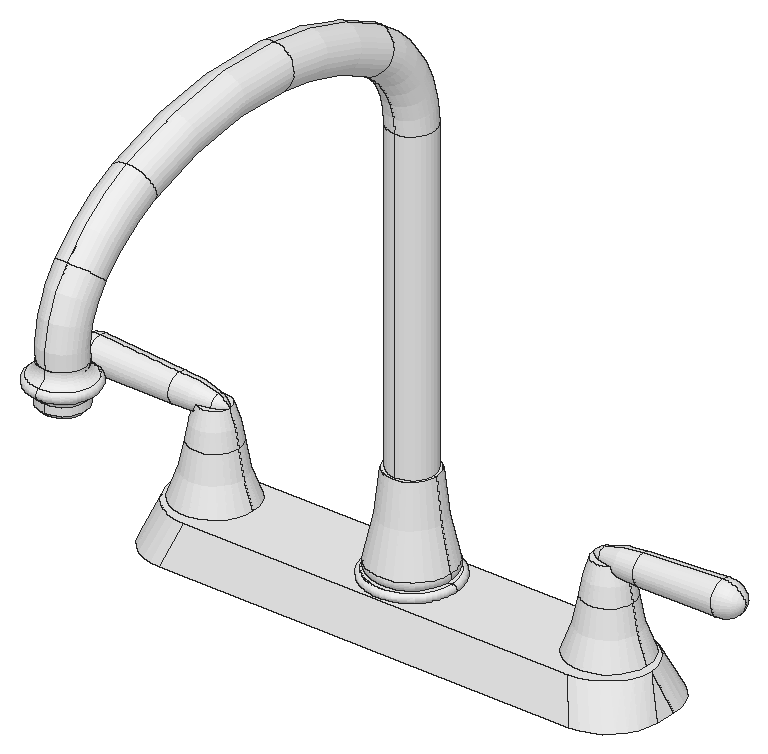
Revit family
Parameters (values of type "4275.550.002")
  Waste Connection = no
  Vent Connection = no
  URL = "http://www.americanstandard-us.com/assets/documents/amstd/spec/SpecSheet_1406.pdf"
  Revised Date = "12/12/11"
  Product URL = "http://www.americanstandard-us.com/kitchen-faucets/colony-soft-two-handle-gooseneck-kitchen-faucet/"
  Phone # = "416-250-5656"
  Model = "4275.550.002"
  Material = Cast Brass
  Manufacturer = "American Standard"
  HW Connection = no
  Designed By = "ATS BIM Team"
  Description = "'COLONY SOFT' Faucet, C.P. 8\" (203mm) C.C., deck mounted, cast brass lead-free waterways body, 1/4 turn ceramic disc valve cartridges, gooseneck spout with vandal-resistant 5.7 LPM (1.5 GPM) max. flow aerator outlet, and metal lever handles.  "
  CW Connection = no
Reference planes (in)
  plane 1 "Center (Front/Back)": y = 0
  plane 2: z = 0
  plane 3 "Center (Left/Right)": x = 0
  plane 4: x = 7.75
  plane 5: y = 7.5
  plane 6: y = 12
  plane 7: x = -4
  plane 8: x = 5.15625
Forms (in)
  Blend 1, solid, material "Cast Brass" <- "Material"
    base sketch origin (-4.81902, -0.62367, 0) x (0, -1, 0) y (1, 0, 0)
      loop
        arc (-0.8249, 9.97527) -> (-1.53201, 9.68237) -> (-1.8249, 8.97527) r 1
        line (-1.8249, 8.97527) -> (-1.8249, 0.66277)
        arc (-1.8249, 0.66277) -> (-1.53201, -0.04434) -> (-0.8249, -0.33723) r 1
        line (-0.8249, -0.33723) -> (-0.42244, -0.33723)
        arc (-0.42244, -0.33723) -> (0.28467, -0.04434) -> (0.57756, 0.66277) r 1
        line (0.57756, 0.66277) -> (0.57756, 8.97527)
        arc (0.57756, 8.97527) -> (0.28467, 9.68237) -> (-0.42244, 9.97527) r 1
        line (-0.42244, 9.97527) -> (-0.8249, 9.97527)
    top sketch origin (-4.81902, -0.62367, 0) x (0, -1, 0) y (1, 0, 0)
      loop
        arc (-1.51518, 0.92212) -> (-1.2551, 0.24942) -> (-0.61013, -0.07336) r 1
        arc (-0.61013, -0.07336) -> (0.03483, 0.24942) -> (0.29492, 0.92212) r 1
        line (0.29492, 0.92212) -> (0.29492, 8.71591)
        arc (0.29492, 8.71591) -> (0.03483, 9.38861) -> (-0.61013, 9.71139) r 1
        arc (-0.61013, 9.71139) -> (-1.2551, 9.38861) -> (-1.51518, 8.71591) r 1
        line (-1.51518, 8.71591) -> (-1.51518, 0.92212)
    from 0 to 0.75
  Revolve 2, solid, material "Cast Brass" <- "Material"
    sketch origin (0, 0, 0) x (1, 0, 0) y (0, 0, 1)
      loop
        line (0, 2.75) -> (0, 0.75) -> (0.82401, 0.75)
        arc (0.82401, 0.75) -> (0.90484, 0.83083) -> (0.82401, 0.91167) r 0.08083
        line (0.82401, 0.91167) -> (0.7288, 0.91167)
        arc (0.7288, 0.91167) -> (0.78971, 0.98942) -> (0.79303, 1.08814) r 0.15918
        arc (0.79303, 1.08814) -> (0.60188, 1.9112) -> (0.5, 2.75) r 7.8759
        line (0.5, 2.75) -> (0, 2.75)
      axis (0, 2.75) -> (0, 0.75)
    angle from 0 to 360
  Sweep 3, solid, material "Cast Brass" <- "Material"
    path origin (0, 0, 0) x (0, -1, 0) y (0, 0, 1)
      loop
        line (0, 2.75) -> (0, 9)
        arc (0, 9) -> (0.28117, 10.04365) -> (1.04857, 10.80481) r 2.07751
        arc (1.04857, 10.80481) -> (2.25251, 11.33156) -> (3.54019, 11.59391) r 6.22657
        arc (3.54019, 11.59391) -> (5.33276, 11.53848) -> (7.05472, 11.03726) r 7.12605
        arc (7.05472, 11.03726) -> (7.78838, 10.61199) -> (8.40469, 10.02953) r 3.66609
        arc (8.40469, 10.02953) -> (8.7921, 9.30057) -> (8.84985, 8.47708) r 1.98716
    profile origin (0, 0, 5.875) x (0, 1, 0) y (-1, 0, 0)
      loop
        circle (0, 0) r 0.4375
  Revolve 4, solid, material "Cast Brass" <- "Material"
    sketch origin (0, -0.00781, 0) x (0, -1, 0) y (0, 0, 1)
      loop
        line (8.85055, 8.5988) -> (8.40379, 8.5988)
        arc (8.40379, 8.5988) -> (8.37503, 8.43444) -> (8.24708, 8.32736) r 0.24304
        arc (8.24708, 8.32736) -> (8.17767, 8.22851) -> (8.24708, 8.12967) r 0.10509
        arc (8.24708, 8.12967) -> (8.33697, 8.07257) -> (8.39407, 7.98267) r 0.24455
        line (8.39407, 7.98267) -> (8.39407, 7.81661) -> (8.46887, 7.74181) -> (8.53422, 7.74181) -> (8.53422, 8.32933) -> (8.85055, 8.32933) -> (8.85055, 8.5988)
      axis (8.85055, 8.5988) -> (8.85055, 7.74181)
    angle from 0 to 360
  Revolve 5, solid, material "Cast Brass" <- "Material"
    sketch origin (1.92489, 0, -1.14192) x (1, 0, 0) y (0, 0, 1)
      loop
        arc (-8.24363, 4.08024) -> (-8.53143, 4.00124) -> (-8.71249, 3.76399) r 0.46663
        line (-8.71249, 3.76399) -> (-5.61886, 3.65596)
        arc (-5.61886, 3.65596) -> (-5.72048, 3.76689) -> (-5.852, 3.83991) r 0.4688
        arc (-5.852, 3.83991) -> (-6.23535, 3.9427) -> (-6.63047, 3.98011) r 2.37162
        arc (-6.63047, 3.98011) -> (-7.43834, 4.00946) -> (-8.24363, 4.08024) r 15.74375
      axis (-8.71249, 3.76399) -> (-5.61886, 3.65596)
    angle from 0 to 360
  Revolve 6, solid, material "Cast Brass" <- "Material"
    sketch origin (1.93661, 0, -1.14192) x (1, 0, 0) y (0, 0, 1)
      loop
        line (-5.37526, 1.89192) -> (-5.37526, 1.95741) -> (-5.16234, 1.95741)
        arc (-5.16234, 1.95741) -> (-5.35512, 2.46046) -> (-5.45821, 2.98923) r 3.11078
        arc (-5.45821, 2.98923) -> (-5.51908, 3.33328) -> (-5.62686, 3.66564) r 2.52491
        line (-5.62686, 3.66564) -> (-5.93661, 3.66564) -> (-5.93661, 1.89192) -> (-5.37526, 1.89192)
      axis (-5.93661, 3.66564) -> (-5.93661, 1.89192)
    angle from 0 to 360
  Revolve 7, solid, material "Cast Brass" <- "Material"
    sketch origin (-1.92489, 0, -1.14192) x (-1, 0, 0) y (0, 0, -1)
      loop
        arc (-8.24363, -4.08024) -> (-7.43834, -4.00946) -> (-6.63047, -3.98011) r 15.74375
        arc (-6.63047, -3.98011) -> (-6.23535, -3.9427) -> (-5.852, -3.83991) r 2.37162
        arc (-5.852, -3.83991) -> (-5.72048, -3.76689) -> (-5.61886, -3.65596) r 0.4688
        line (-5.61886, -3.65596) -> (-8.71249, -3.76399)
        arc (-8.71249, -3.76399) -> (-8.53143, -4.00124) -> (-8.24363, -4.08024) r 0.46663
      axis (-8.71249, -3.76399) -> (-5.61886, -3.65596)
    angle from 0 to 360
  Revolve 8, solid, material "Cast Brass" <- "Material"
    sketch origin (-1.93661, 0, -1.14192) x (-1, 0, 0) y (0, 0, -1)
      loop
        line (-5.37526, -1.89192) -> (-5.93661, -1.89192) -> (-5.93661, -3.66564) -> (-5.62686, -3.66564)
        arc (-5.62686, -3.66564) -> (-5.51908, -3.33328) -> (-5.45821, -2.98923) r 2.52491
        arc (-5.45821, -2.98923) -> (-5.35512, -2.46046) -> (-5.16234, -1.95741) r 3.11078
        line (-5.16234, -1.95741) -> (-5.37526, -1.95741) -> (-5.37526, -1.89192)
      axis (-5.93661, -3.66564) -> (-5.93661, -1.89192)
    angle from 0 to 360
Cuts and joins
  joined: Blend 1, Revolve 2, Sweep 3, Revolve 6, Revolve 8
